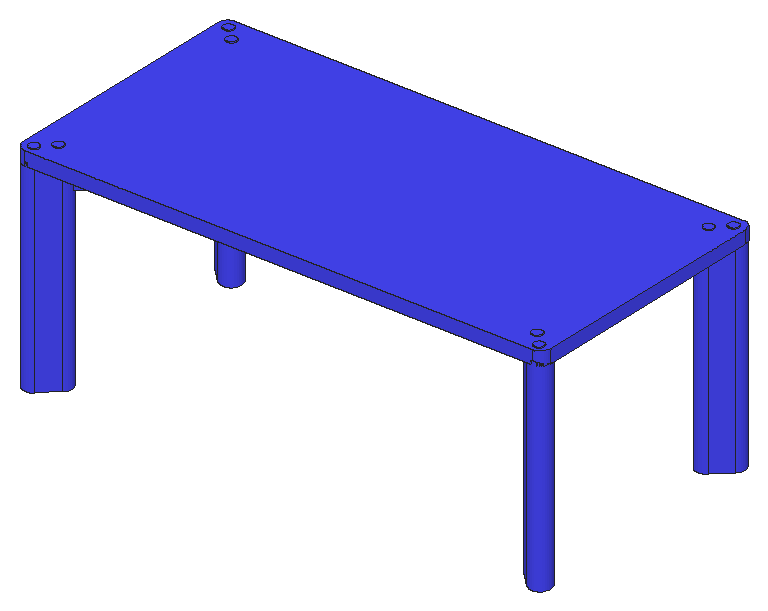
Revit family "MF.TABLE.1800", category Furniture, Revit 2023
Family settings
  OmniClass Number = 23.40.20.00
  OmniClass Title = General Furniture and Specialties
  Work Plane-Based = No
  Enable Cutting in Views = No
  Always vertical = Yes
  Cut with Voids When Loaded = No
  Render Appearance Source = Family Geometry
  Shared = No
  Room Calculation Point = No
Parameters
  Default Elevation = 0 mm
Reference planes
  plane 1 "Center (Front/Back)": y = 0
  plane 2: z = 0
  plane 3 "Center (Left/Right)": x = 0
Forms (mm)
  Extrusion 1, solid, material "Poche"
    sketch origin (-500, 50, 0) x (1, 0, 0) y (0, 1, 0)
      loop
        arc (-367.78, 392.431) -> (-391.855, 382.458) -> (-401.828, 358.383) r 34.048
        line (-401.828, 358.383) -> (-401.828, -473.052)
        arc (-401.828, -473.052) -> (-391.718, -497.459) -> (-367.31, -507.569) r 34.517
        line (-367.31, -507.569) -> (1363.308, -507.569)
        arc (1363.308, -507.569) -> (1387.961, -497.358) -> (1398.172, -472.705) r 34.864
        line (1398.172, -472.705) -> (1398.172, 357.803)
        arc (1398.172, 357.803) -> (1388.03, 382.289) -> (1363.545, 392.431) r 34.627
        line (1363.545, 392.431) -> (-367.78, 392.431)
    from 690.042 to 735.042
  Extrusion 2, solid, material "Poche"
    sketch origin (400.091, -79.949, 0) x (1, 0, 0) y (0, 1, 0)
      loop
        line (-1241.583, -367.264) -> (-1188.55, -314.231)
        arc (-1188.55, -314.231) -> (-1188.55, -264.232) -> (-1238.55, -264.232) r 35.355
        line (-1238.55, -264.232) -> (-1291.583, -317.265)
        arc (-1291.583, -317.265) -> (-1291.583, -367.264) -> (-1241.583, -367.264) r 35.355
      loop
        arc (-1238.543, 409.147) -> (-1188.358, 408.961) -> (-1188.544, 459.147) r 35.356
        line (-1188.544, 459.147) -> (-1241.571, 512.174)
        arc (-1241.571, 512.174) -> (-1291.571, 512.174) -> (-1291.571, 462.174) r 35.355
        line (-1291.571, 462.174) -> (-1238.543, 409.147)
      loop
        arc (384.603, 458.515) -> (384.347, 408.26) -> (434.603, 408.515) r 35.357
        line (434.603, 408.515) -> (487.636, 461.548)
        arc (487.636, 461.548) -> (487.636, 511.548) -> (437.636, 511.548) r 35.355
        line (437.636, 511.548) -> (384.603, 458.515)
      loop
        line (384.455, -314.819) -> (437.488, -367.852)
        arc (437.488, -367.852) -> (487.317, -367.682) -> (487.487, -317.853) r 35.356
        line (487.487, -317.853) -> (434.454, -264.82)
        arc (434.454, -264.82) -> (384.463, -264.828) -> (384.455, -314.819) r 35.355
    from 0 to 700.042
  Extrusion 3, solid, material "Poche"
    sketch origin (-500, 50, 0) x (1, 0, 0) y (0, 1, 0)
      loop
        line (-278.716, 301.395) -> (-306.47, 273.641) -> (4.761, -37.59) -> (995.922, -37.59) -> (1305.856, 272.344) -> (1277.868, 300.332) -> (979.838, 2.302) -> (20.377, 2.302) -> (-278.716, 301.395)
      loop
        line (-278.716, -416.575) -> (30.377, -107.482) -> (969.838, -107.482) -> (1277.868, -415.512) -> (1305.856, -387.524) -> (985.922, -67.59) -> (14.761, -67.59) -> (-306.47, -388.821) -> (-278.716, -416.575)
    from 605.042 to 688.042
  Extrusion 4, solid, material "Poche"
    sketch origin (343.547, -71.007, 0) x (1, 0, 0) y (0, 1, 0)
      loop
        circle (-1162.133, -305.232) r 16.844
      loop
        circle (-1208.427, -352.028) r 16.844
      loop
        circle (-1160.036, 429.172) r 16.844
      loop
        circle (-1206.331, 475.314) r 16.844
      loop
        circle (469.644, 427.989) r 16.844
      loop
        circle (516.494, 474.99) r 16.844
      loop
        circle (472.743, -307.039) r 16.844
      loop
        circle (516.455, -354.113) r 16.844
    from 690.042 to 735.8
  Extrusion 5, solid, material "Poche", not visible
    sketch origin (-500, 50, 0) x (1, 0, 0) y (0, 1, 0)
      loop
        arc (-367.78, 392.431) -> (-391.855, 382.458) -> (-401.828, 358.383) r 34.048
        line (-401.828, 358.383) -> (-401.828, -473.052)
        arc (-401.828, -473.052) -> (-391.718, -497.459) -> (-367.31, -507.569) r 34.517
        line (-367.31, -507.569) -> (1363.308, -507.569)
        arc (1363.308, -507.569) -> (1387.961, -497.358) -> (1398.172, -472.705) r 34.864
        line (1398.172, -472.705) -> (1398.172, 357.803)
        arc (1398.172, 357.803) -> (1388.03, 382.289) -> (1363.545, 392.431) r 34.627
        line (1363.545, 392.431) -> (-367.78, 392.431)
    from 690.042 to 735.042
  Extrusion 6, solid, material "Poche", not visible
    sketch origin (400.091, -79.949, 0) x (1, 0, 0) y (0, 1, 0)
      loop
        line (-1241.583, -367.264) -> (-1188.55, -314.231)
        arc (-1188.55, -314.231) -> (-1188.55, -264.232) -> (-1238.55, -264.232) r 35.355
        line (-1238.55, -264.232) -> (-1291.583, -317.265)
        arc (-1291.583, -317.265) -> (-1291.583, -367.264) -> (-1241.583, -367.264) r 35.355
      loop
        arc (-1238.543, 409.147) -> (-1188.358, 408.961) -> (-1188.544, 459.147) r 35.356
        line (-1188.544, 459.147) -> (-1241.571, 512.174)
        arc (-1241.571, 512.174) -> (-1291.571, 512.174) -> (-1291.571, 462.174) r 35.355
        line (-1291.571, 462.174) -> (-1238.543, 409.147)
      loop
        arc (384.603, 458.515) -> (384.347, 408.26) -> (434.603, 408.515) r 35.357
        line (434.603, 408.515) -> (487.636, 461.548)
        arc (487.636, 461.548) -> (487.636, 511.548) -> (437.636, 511.548) r 35.355
        line (437.636, 511.548) -> (384.603, 458.515)
      loop
        line (384.455, -314.819) -> (437.488, -367.852)
        arc (437.488, -367.852) -> (487.317, -367.682) -> (487.487, -317.853) r 35.356
        line (487.487, -317.853) -> (434.454, -264.82)
        arc (434.454, -264.82) -> (384.463, -264.828) -> (384.455, -314.819) r 35.355
    from 0 to 700.042
  Extrusion 7, solid, material "Poche", not visible
    sketch origin (-500, 50, 0) x (1, 0, 0) y (0, 1, 0)
      loop
        line (-278.716, 301.395) -> (-306.47, 273.641) -> (4.761, -37.59) -> (995.922, -37.59) -> (1305.856, 272.344) -> (1277.868, 300.332) -> (979.838, 2.302) -> (20.377, 2.302) -> (-278.716, 301.395)
      loop
        line (-278.716, -416.575) -> (30.377, -107.482) -> (969.838, -107.482) -> (1277.868, -415.512) -> (1305.856, -387.524) -> (985.922, -67.59) -> (14.761, -67.59) -> (-306.47, -388.821) -> (-278.716, -416.575)
    from 605.042 to 688.042
  Extrusion 8, solid, material "Poche", not visible
    sketch origin (343.547, -71.007, 0) x (1, 0, 0) y (0, 1, 0)
      loop
        circle (-1162.133, -305.232) r 16.844
      loop
        circle (-1208.427, -352.028) r 16.844
      loop
        circle (-1160.036, 429.172) r 16.844
      loop
        circle (-1206.331, 475.314) r 16.844
      loop
        circle (469.644, 427.989) r 16.844
      loop
        circle (516.494, 474.99) r 16.844
      loop
        circle (472.743, -307.039) r 16.844
      loop
        circle (516.455, -354.113) r 16.844
    from 690.042 to 735.8
Dimensions and locks
  aligned and locked: level to plane 2
